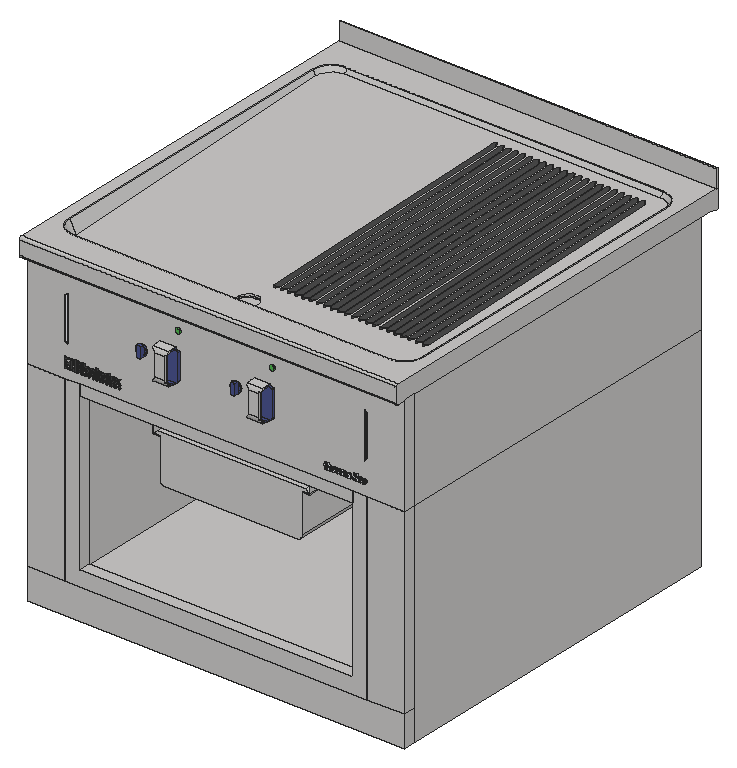
Revit family "QF_ELECTROLUXPROFESSIONAL_593116_MBHFGBHDVO", category Specialty Equipment, Revit 2014 (continued)
Definition of nested family "Front_Panel_W800_2 Knobs_2Spie_Manop"
  Definition of nested family "ELX_Professional_Logo_Small"
    Forms (mm)
      Extrusion 2, solid, material "QF_Finishes_Black" <- "Material_Logo"
        sketch origin (15.5, 0, 0) x (1, 0, 0) y (0, 1, 0)
          loop
            line (-38.313, -5.837) -> (-40.265, -5.837) -> (-40.265, -10.814) -> (-39.241, -10.814) -> (-39.241, -9.1) -> (-38.46, -9.182) -> (-37.48, -10.814) -> (-36.318, -10.814) -> (-37.513, -8.848)
            arc (-37.513, -8.848) -> (-36.888, -8.266) -> (-36.671, -7.441) r 1.536
            arc (-36.671, -7.441) -> (-37.165, -6.305) -> (-38.313, -5.837) r 1.643
          loop
            arc (-38.402, -8.166) -> (-37.707, -7.505) -> (-38.334, -6.778) r 0.696
            line (-38.334, -6.778) -> (-39.241, -6.778) -> (-39.241, -8.166) -> (-38.402, -8.166)
          loop
            circle (-29.965, -8.325) r 2.585
          loop
            circle (-29.965, -8.325) r 1.64
          loop
            line (-23.1, -5.837) -> (-23.1, -10.814) -> (-22.076, -10.814) -> (-22.076, -8.768) -> (-20.204, -8.768) -> (-20.204, -7.828) -> (-22.076, -7.828) -> (-22.076, -6.778) -> (-20.024, -6.778) -> (-20.024, -5.837) -> (-23.1, -5.837)
          loop
            line (-15.802, -5.837) -> (-15.802, -9.2)
            arc (-15.802, -9.2) -> (-15.343, -10.34) -> (-14.209, -10.814) r 1.593
            line (-14.209, -10.814) -> (-12.602, -10.814) -> (-12.602, -10.027) -> (-14.004, -10.027)
            arc (-14.004, -10.027) -> (-14.552, -9.8) -> (-14.779, -9.252) r 0.775
            line (-14.779, -9.252) -> (-14.779, -8.424) -> (-12.789, -8.424) -> (-12.789, -7.642) -> (-14.779, -7.642) -> (-14.779, -6.778) -> (-12.651, -6.778) -> (-12.651, -5.837) -> (-15.802, -5.837)
          loop
            line (-5.909, -7.143) -> (-5.173, -6.638)
            arc (-5.173, -6.638) -> (-5.855, -5.974) -> (-6.781, -5.755) r 1.782
            arc (-6.781, -5.755) -> (-7.397, -5.878) -> (-7.944, -6.189) r 1.974
            arc (-7.944, -6.189) -> (-8.202, -6.5) -> (-8.317, -6.888) r 1.013
            arc (-8.317, -6.888) -> (-8.306, -7.341) -> (-8.192, -7.78) r 1.985
            arc (-8.192, -7.78) -> (-7.749, -8.259) -> (-7.171, -8.563) r 1.928
            arc (-7.171, -8.563) -> (-6.637, -8.779) -> (-6.131, -9.056) r 5.041
            arc (-6.131, -9.056) -> (-5.934, -9.387) -> (-6.09, -9.74) r 0.42
            arc (-6.09, -9.74) -> (-6.631, -9.96) -> (-7.204, -9.845) r 1.016
            arc (-7.204, -9.845) -> (-7.625, -9.603) -> (-7.889, -9.196) r 1.033
            line (-7.889, -9.196) -> (-8.67, -9.686)
            arc (-8.67, -9.686) -> (-8.361, -10.198) -> (-7.908, -10.589) r 1.914
            arc (-7.908, -10.589) -> (-7.334, -10.834) -> (-6.714, -10.896) r 2.063
            arc (-6.714, -10.896) -> (-5.947, -10.743) -> (-5.256, -10.376) r 2.696
            arc (-5.256, -10.376) -> (-4.95, -9.565) -> (-5.108, -8.712) r 1.618
            arc (-5.108, -8.712) -> (-5.448, -8.319) -> (-5.884, -8.035) r 1.876
            arc (-5.884, -8.035) -> (-6.434, -7.789) -> (-6.999, -7.577) r 9.883
            arc (-6.999, -7.577) -> (-7.325, -7.07) -> (-6.854, -6.694) r 0.45
            arc (-6.854, -6.694) -> (-6.329, -6.809) -> (-5.909, -7.143) r 1.197
          loop
            line (1.61, -7.143) -> (2.345, -6.638)
            arc (2.345, -6.638) -> (1.663, -5.974) -> (0.737, -5.755) r 1.782
            arc (0.737, -5.755) -> (0.121, -5.878) -> (-0.425, -6.189) r 1.974
            arc (-0.425, -6.189) -> (-0.683, -6.5) -> (-0.799, -6.888) r 1.013
            arc (-0.799, -6.888) -> (-0.788, -7.341) -> (-0.674, -7.78) r 1.985
            arc (-0.674, -7.78) -> (-0.231, -8.259) -> (0.347, -8.563) r 1.928
            arc (0.347, -8.563) -> (0.881, -8.779) -> (1.387, -9.056) r 5.041
            arc (1.387, -9.056) -> (1.584, -9.387) -> (1.428, -9.74) r 0.42
            arc (1.428, -9.74) -> (0.887, -9.96) -> (0.314, -9.845) r 1.016
            arc (0.314, -9.845) -> (-0.107, -9.603) -> (-0.371, -9.196) r 1.033
            line (-0.371, -9.196) -> (-1.152, -9.686)
            arc (-1.152, -9.686) -> (-0.842, -10.198) -> (-0.39, -10.589) r 1.914
            arc (-0.39, -10.589) -> (0.184, -10.834) -> (0.804, -10.896) r 2.063
            arc (0.804, -10.896) -> (1.572, -10.743) -> (2.263, -10.376) r 2.696
            arc (2.263, -10.376) -> (2.568, -9.565) -> (2.411, -8.712) r 1.618
            arc (2.411, -8.712) -> (2.07, -8.319) -> (1.635, -8.035) r 1.876
            arc (1.635, -8.035) -> (1.084, -7.789) -> (0.519, -7.577) r 9.883
            arc (0.519, -7.577) -> (0.193, -7.07) -> (0.665, -6.694) r 0.45
            arc (0.665, -6.694) -> (1.189, -6.809) -> (1.61, -7.143) r 1.197
          loop
            line (6.801, -5.837) -> (6.801, -10.814) -> (7.825, -10.814) -> (7.825, -5.837) -> (6.801, -5.837)
          loop
            circle (14.724, -8.325) r 1.548
          loop
            circle (14.724, -8.325) r 2.585
          loop
            line (21.59, -10.814) -> (22.623, -10.814) -> (22.623, -7.685) -> (24.9, -10.814) -> (25.895, -10.814) -> (25.895, -5.837) -> (24.861, -5.837) -> (24.861, -9.061) -> (22.585, -5.837) -> (21.59, -5.837) -> (21.59, -10.814)
          loop
            line (31.054, -10.814) -> (31.539, -9.74) -> (33.38, -9.74) -> (33.865, -10.814) -> (34.965, -10.814) -> (32.46, -5.837) -> (29.956, -10.814) -> (31.054, -10.814)
          loop
            line (32.46, -7.698) -> (31.999, -8.719) -> (32.921, -8.719) -> (32.46, -7.698)
          loop
            line (40.047, -9.873) -> (40.047, -5.837) -> (39.024, -5.837) -> (39.024, -10.814) -> (41.961, -10.814) -> (41.961, -9.873) -> (40.047, -9.873)
          loop
            line (-74.986, -10.814) -> (-53.322, -10.814) -> (-53.322, 10.82) -> (-74.986, 10.82) -> (-74.986, -10.814)
          loop
            line (-61.261, 9.758) -> (-61.261, -9.707)
            arc (-61.261, -9.707) -> (-54.066, 0.025) -> (-61.261, 9.758) r 10.18
          loop
            line (-62.251, 8.349) -> (-62.251, 9.758)
            arc (-62.251, 9.758) -> (-70.347, 7.918) -> (-74.247, 0.59) r 9.976
            line (-74.247, 0.59) -> (-71.026, 0.59)
            arc (-71.026, 0.59) -> (-65.274, 2.925) -> (-62.251, 8.349) r 9.351
          loop
            arc (-74.247, -0.539) -> (-70.353, -7.928) -> (-62.251, -9.957) r 10.237
            line (-62.251, -9.957) -> (-62.251, -8.298)
            arc (-62.251, -8.298) -> (-65.274, -2.874) -> (-71.026, -0.539) r 9.351
            line (-71.026, -0.539) -> (-74.247, -0.539)
        from 0 to 1.644
    Dimensions and locks
      aligned and locked: plane 2 to Extrusion 1
      aligned and locked: level to Extrusion 1
Definition of nested family "Rib_D12"
  Parameters (values of type "Rib_D12")
    Show Clearance [instance] = yes
    Model = ""
    Lenght [instance] = 588 mm
    Default Elevation = 0 mm
  Reference planes
    plane 1 "Center (Front/Back)": y = -11.07
    plane 2: z = 0
    plane 3 "Center (Left/Right)": x = 0
    plane 4 "Back": y = 282.93
    plane 5 "Front": y = -305.07
  Forms (mm)
    Extrusion 1, solid
      sketch origin (0, -919.2, 0) x (1, 0, 0) y (0, 1, 0)
        loop
          line (-198.75, 1399.2) -> (-198.75, 386.445) -> (165.741, 386.445) -> (165.741, 1399.2) -> (-198.75, 1399.2)
      from 0 to -59.546
    Extrusion 2, solid, material "QF_Finishes_Black"
      sketch origin (0, -11.07, -267.484) x (1, 0, 0) y (0, 0, 1)
        loop
          line (-6, 267.484) -> (6, 267.484)
          arc (6, 267.484) -> (0, 269.184) -> (-6, 267.484) r 11.438
      from -294 to 294
    Extrusion 3, void
      sketch origin (0, 0, 0) x (1, 0, 0) y (0, 1, 0)
        loop
          line (-6, 274.93) -> (-2.484, 281.02)
          arc (-2.484, 281.02) -> (0, 282.454) -> (2.484, 281.02) r 2.868
          line (2.484, 281.02) -> (6, 274.93) -> (6, 282.93) -> (-6, 282.93) -> (-6, 274.93)
        loop
          line (-6, -297.07) -> (-6, -305.07) -> (6, -305.07) -> (6, -297.07) -> (2.484, -303.16)
          arc (2.484, -303.16) -> (0, -304.594) -> (-2.484, -303.16) r 2.868
          line (-2.484, -303.16) -> (-6, -297.07)
      from 0 to 2
  Cuts and joins
    Extrusion 3 cuts Extrusion 2
  Lines and regions (mm)
    symbolic lines
      curve 1: line (64.247, -11.07, 0) -> (64.247, -11.07, 4)
      curve 2: line (64.247, -11.07, 4) -> (-64.765, -11.07, 4)
      curve 3: line (-64.765, -11.07, 4) -> (-64.765, -11.07, 0)
      curve 4: line (-40, -11.07, 8) -> (-40, -11.07, 4)
      curve 5: line (40, -11.07, 8) -> (40, -11.07, 4)
      curve 6: line (40, -11.07, 8) -> (-40, -11.07, 8)
      curve 7: line (6, -297.07, 0) -> (6, 274.93, 0)
      curve 8: line (-6, 274.93, 0) -> (-6, -297.07, 0)
      curve 9: line (-6, 274.93, 0) -> (-2.484, 281.02, 0)
      curve 10: line (2.484, 281.02, 0) -> (6, 274.93, 0)
      curve 11: arc (-2.484, 281.02, 0) -> (0, 282.454, 0) -> (2.484, 281.02, 0) r 2.868
      curve 12: line (-2.484, -303.16, 0) -> (-6, -297.07, 0)
      curve 13: arc (2.484, -303.16, 0) -> (0, -304.594, 0) -> (-2.484, -303.16, 0) r 2.868
      curve 14: line (6, -297.07, 0) -> (2.484, -303.16, 0)
  Dimensions and locks
    "Lenght": plane 4 "Back" to plane 5 "Front"
    equal spacing: plane 4 "Back", plane 1 "Center (Front/Back)", plane 5 "Front"
    aligned and locked: plane 2 to Extrusion 1
    aligned and locked: level to Extrusion 1
    aligned and locked: plane 4 "Back" to Extrusion 2
    aligned and locked: Extrusion 2 to plane 5 "Front"
  Automatic sketch dimensions
    curve 3 to level = 0 mm
    curve 1 to level = 0 mm
    level to curve 3 = 4 mm
    curve 3 to plane 3 "Center (Left/Right)" = 64.765 mm
    level to curve 6 = 8 mm
    curve 2 to curve 6 = 24.765 mm
    plane 3 "Center (Left/Right)" to curve 5 = 40 mm
    curve 5 to curve 1 = 24.247 mm
    Extrusion 1 sketch curve to Extrusion 1 sketch curve = 364.491 mm
    Extrusion 1 sketch curve to Extrusion 1 sketch curve = 1012.755 mm
    Extrusion 3 sketch curve to plane 3 "Center (Left/Right)" = 0 mm  (x2)
    Extrusion 3 sketch curve to plane 3 "Center (Left/Right)" = 2.484 mm  (x2)
    Extrusion 3 sketch curve to plane 3 "Center (Left/Right)" = 6 mm
    Extrusion 3 sketch curve to Extrusion 3 sketch curve = 3.516 mm  (x2)
    plane 3 "Center (Left/Right)" to Extrusion 3 sketch curve = 2.484 mm  (x2)
    plane 3 "Center (Left/Right)" to Extrusion 3 sketch curve = 6 mm
    plane 5 "Front" to Extrusion 3 sketch curve = 0 mm
    Extrusion 3 sketch curve to Extrusion 3 sketch curve = 1.91 mm  (x2)
    Extrusion 3 sketch curve to Extrusion 3 sketch curve = 1.434 mm  (x2)
    Extrusion 3 sketch curve to Extrusion 3 sketch curve = 6.09 mm  (x2)
    Extrusion 3 sketch curve to plane 4 "Back" = 8 mm
    Extrusion 3 sketch curve to Extrusion 3 sketch curve = 0 mm
    Extrusion 3 sketch curve to Extrusion 3 sketch curve = 4.656 mm
    curve 9 to plane 3 "Center (Left/Right)" = 6 mm
    curve 8 to plane 4 "Back" = 8 mm
    curve 9 to plane 3 "Center (Left/Right)" = 2.484 mm
    plane 3 "Center (Left/Right)" to curve 7 = 6 mm
    plane 5 "Front" to curve 8 = 8 mm
    plane 5 "Front" to curve 7 = 8 mm
    curve 7 to plane 4 "Back" = 8 mm
    curve 9 to plane 4 "Back" = 1.91 mm
    plane 3 "Center (Left/Right)" to curve 10 = 2.484 mm
    curve 10 to plane 4 "Back" = 1.91 mm
    curve 11 to curve 9 = 1.434 mm
    curve 12 to plane 3 "Center (Left/Right)" = 2.484 mm
    plane 5 "Front" to curve 12 = 1.91 mm
    curve 13 to plane 3 "Center (Left/Right)" = 0 mm
    curve 13 to curve 13 = 1.434 mm
    plane 5 "Front" to curve 13 = 1.91 mm
    Extrusion 2 sketch curve to plane 3 "Center (Left/Right)" = 0 mm
    Extrusion 2 sketch curve to plane 3 "Center (Left/Right)" = 6 mm
    Extrusion 2 sketch curve to level = 9.738 mm
    Extrusion 2 sketch curve to Extrusion 2 sketch curve = 9.738 mm
Definition of nested family "QF_ELECTROLUXPROFESSIONAL_588643_MB1NCAHOOO"
  Parameters (values of type "QF_ELECTROLUXPROFESSIONAL_588643_MB1NCAHOOO")
    Weight in Pounds = 143.3
    URL Cutsheet = ""
    Type Mark [instance] = ""
    Specification by User [instance] = ""
    Specification by Manufacturer = ""
    Serial Number = ""
    Seismic Rating = ""
    SMACNA No = ""
    Revision Code [instance] = ""
    Omniclass Number and Title = ""
    NAFEM Spec ID Number = ""
    Model = "588643"
    Masterspec = ""
    Manufacturer = "Electrolux Professional"
    Item Number [instance] = ""
    Installed By [instance] = ""
    Identify Quantity as Lot [instance] = yes
    Furnished By [instance] = ""
    Foodservice Equipment Identifier [instance] = yes
    Description = ""
    CSI MasterFormat = ""
    CSI Master Format = ""
  Reference planes
    plane 1 "BACK": y = 0
    plane 2: z = 0
    plane 3 "LEFT": x = 0
    plane 4 "RIGHT": x = 800
    plane 5 "FRONT": y = -850
    plane 6 "PLAIN": z = 900
    plane 7 "Center (Left/Right)": x = 400
    plane 8 "Center (Front/Back)": y = -425
    plane 9 "TOP": z = 650
    plane 10 "BASE": z = 200
    plane 11: x = 722
    plane 12: x = 78
    plane 13 "Feet_back": y = -150
    plane 14 "Feet_Front": y = -720
    plane 15: x = 80
    plane 16: x = 720
    plane 17: z = 265
    plane 18: y = -45
    plane 19: y = -805
    plane 20: y = -70
    plane 21: y = -830
    plane 22 "ButtonZ": z = 590
  Forms (mm)
    Extrusion 1, solid, material "QF_Finishes_Stainless Steel"
      sketch origin (0, 0, 650) x (0, 1, 0) y (0, 0, 1)
        loop
          line (-45, -450) -> (-45, 0) -> (-805, 0) -> (-805, -450) -> (-45, -450)
      from 0 to 800
    Extrusion 2, solid, material "QF_Finishes_Stainless Steel"
      sketch origin (0, 0, 650) x (0, 1, 0) y (0, 0, 1)
        loop
          line (-830, -450) -> (-805, -450) -> (-805, -385) -> (-830, -385) -> (-830, -450)
      from 0 to 800
    Extrusion 3, void
      sketch origin (0, -850, 0) x (1, 0, 0) y (0, 0, 1)
        loop
          line (80, 650) -> (80, 265) -> (720, 265) -> (720, 650) -> (80, 650)
      from 0 to -780
    Extrusion 4, solid, material "QF_Finishes_Stainless Steel"
      sketch origin (0, -850, 0) x (1, 0, 0) y (0, 0, 1)
        loop
          line (110, 650) -> (110, 627) -> (690, 627) -> (690, 650) -> (110, 650)
      from -20 to -805
    Extrusion 5, solid, material "QF_Finishes_Stainless Steel"
      sketch origin (0, -850, 0) x (1, 0, 0) y (0, 0, 1)
        loop
          line (80, 650) -> (80, 265) -> (720, 265) -> (720, 650) -> (690, 650) -> (690, 295) -> (110, 295) -> (110, 650) -> (80, 650)
      from -45 to -780
    Extrusion 6, solid, material "QF_Finishes_Stainless Steel"
      sketch origin (0, -850, 0) x (1, 0, 0) y (0, 0, 1)
        loop
          line (0, 650) -> (0, 265) -> (80, 265) -> (80, 650) -> (0, 650)
      from -20 to -45
    Extrusion 7, solid, material "QF_Finishes_Stainless Steel"
      sketch origin (0, -850, 0) x (1, 0, 0) y (0, 0, 1)
        loop
          line (720, 650) -> (720, 265) -> (800, 265) -> (800, 650) -> (720, 650)
      from -20 to -45
    Extrusion 8, solid, material "QF_Finishes_Stainless Steel"
      sketch origin (85, -850, 0) x (1, 0, 0) y (0, 0, 1)
        loop
          line (-5, 650) -> (-5, 265) -> (635, 265) -> (635, 650) -> (605, 650) -> (605, 297) -> (25, 297) -> (25, 650) -> (-5, 650)
      from -20 to -45
  Cuts and joins
    Extrusion 3 cuts Extrusion 1
    joined: Extrusion 1, Extrusion 4, Extrusion 5
  Lines and regions (mm)
    symbolic lines, style "SpecialityEquipmentHiddenLines"
      curve 1: line (0, 0, 0) -> (800, 0, 0)
      curve 2: line (0, -850, 0) -> (0, 0, 0)
      curve 3: line (800, -850, 0) -> (0, -850, 0)
      curve 4: line (800, 0, 0) -> (800, -850, 0)
  Dimensions and locks
    plane 3 "LEFT" to plane 4 "RIGHT" = 800 mm
    plane 5 "FRONT" to plane 1 "BACK" = 850 mm
    equal spacing: plane 3 "LEFT", plane 7 "Center (Left/Right)", plane 4 "RIGHT"
    equal spacing: plane 5 "FRONT", plane 8 "Center (Front/Back)", plane 1 "BACK"
    plane 6 "PLAIN" to plane 9 "TOP" = 250 mm
    plane 10 "BASE" to level = 200 mm
    plane 9 "TOP" to plane 10 "BASE" = 450 mm
    locked: plane 1 "BACK" to plane 13 "Feet_back" at 150
    locked: plane 14 "Feet_Front" to plane 5 "FRONT" at 130
    locked: plane 12 to plane 3 "LEFT" at 78
    locked: plane 11 to plane 4 "RIGHT" at 78
    plane 16 to plane 15 = 640 mm
    equal spacing: plane 16, plane 7 "Center (Left/Right)", plane 15
    locked: plane 17 to plane 10 "BASE" at 65
    locked: plane 1 "BACK" to plane 18 at 45
    plane 9 "TOP" to Extrusion 4 sketch curve = 23 mm
    locked: Extrusion 4 sketch curve to plane 15 at 30
    locked: plane 16 to Extrusion 4 sketch curve at 30
    locked: Extrusion 5 sketch curve to plane 17 at 30
    plane 6 "PLAIN" to level = 900 mm
    Extrusion 5 to Extrusion 5 = 580 mm
    locked: plane 18 to plane 20 at 25
    locked: plane 21 to plane 5 "FRONT" at 20
    locked: plane 19 to plane 21 at 25
    plane 18 to plane 21 = 785 mm
    plane 22 "ButtonZ" to level = 590 mm
    aligned and locked: level to plane 2
    aligned and locked: Extrusion 1 to plane 4 "RIGHT"
    aligned and locked: Extrusion 1 to plane 3 "LEFT"
    aligned and locked: Extrusion 2 to plane 4 "RIGHT"
    aligned and locked: plane 9 "TOP" to Extrusion 3 sketch curve
    aligned and locked: Extrusion 3 sketch curve to plane 15
    aligned and locked: plane 16 to Extrusion 3 sketch curve
    aligned and locked: Extrusion 2 to plane 10 "BASE"
    aligned and locked: Extrusion 2 to plane 17
    aligned and locked: plane 17 to Extrusion 3 sketch curve
    aligned and locked: Extrusion 4 to plane 18
    aligned and locked: Extrusion 5 sketch curve to plane 15
    aligned and locked: plane 16 to Extrusion 5 sketch curve
    aligned and locked: plane 9 "TOP" to Extrusion 5 sketch curve  (x2)
    aligned and locked: plane 17 to Extrusion 5 sketch curve
    aligned and locked: Extrusion 5 sketch curve to Extrusion 4  (x2)
    aligned and locked: Extrusion 6 sketch curve to plane 9 "TOP"
    aligned and locked: plane 3 "LEFT" to Extrusion 6 sketch curve
    aligned and locked: Extrusion 6 sketch curve to plane 17
    aligned and locked: Extrusion 6 sketch curve to plane 15
    aligned and locked: Extrusion 7 sketch curve to plane 9 "TOP"
    aligned and locked: plane 16 to Extrusion 7 sketch curve
    aligned and locked: Extrusion 7 sketch curve to plane 17
    aligned and locked: plane 4 "RIGHT" to Extrusion 7 sketch curve
    aligned and locked: Extrusion 5 to plane 20
    aligned and locked: cut or joined group of Extrusion 1, Extrusion 3, Extrusion 4, Extrusion 5 to plane 20
    aligned and locked: cut or joined group of Extrusion 1, Extrusion 3, Extrusion 4, Extrusion 5 to plane 18
    aligned and locked: Extrusion 6 to plane 19
    aligned and locked: plane 21 to Extrusion 6
    aligned and locked: plane 21 to Extrusion 7
    aligned and locked: Extrusion 7 to plane 19
    aligned and locked: Extrusion 2 to plane 19
    aligned and locked: plane 21 to Extrusion 2
    aligned and locked: plane 19 to cut or joined group of Extrusion 1, Extrusion 3, Extrusion 4, Extrusion 5
    aligned and locked: Extrusion 8 sketch curve to plane 16
    aligned and locked: plane 15 to Extrusion 8 sketch curve
    aligned and locked: Extrusion 8 sketch curve to plane 17
    aligned and locked: plane 21 to cut or joined group of Extrusion 1, Extrusion 3, Extrusion 4, Extrusion 5
  Automatic sketch dimensions
    curve 3 to plane 3 "LEFT" = 0 mm
    curve 3 to plane 4 "RIGHT" = 0 mm
    plane 5 "FRONT" to curve 3 = 0 mm
    plane 1 "BACK" to curve 2 = 0 mm
    Extrusion 1 sketch curve to plane 10 "BASE" = 0 mm
    plane 19 to Extrusion 1 sketch curve = 0 mm
    Extrusion 1 sketch curve to plane 18 = 0 mm
    Extrusion 1 sketch curve to plane 9 "TOP" = 0 mm
    plane 17 to Extrusion 2 sketch curve = 0 mm
    Extrusion 2 sketch curve to plane 21 = 0 mm
    Extrusion 2 sketch curve to plane 10 "BASE" = 0 mm
    Extrusion 2 sketch curve to plane 19 = 0 mm
    Extrusion 4 sketch curve to plane 9 "TOP" = 0 mm
    Extrusion 8 sketch curve to plane 9 "TOP" = 0 mm  (x2)
    plane 15 to Extrusion 8 sketch curve = 30 mm
    Extrusion 8 sketch curve to plane 16 = 30 mm
    Extrusion 8 sketch curve to plane 17 = 32 mm
